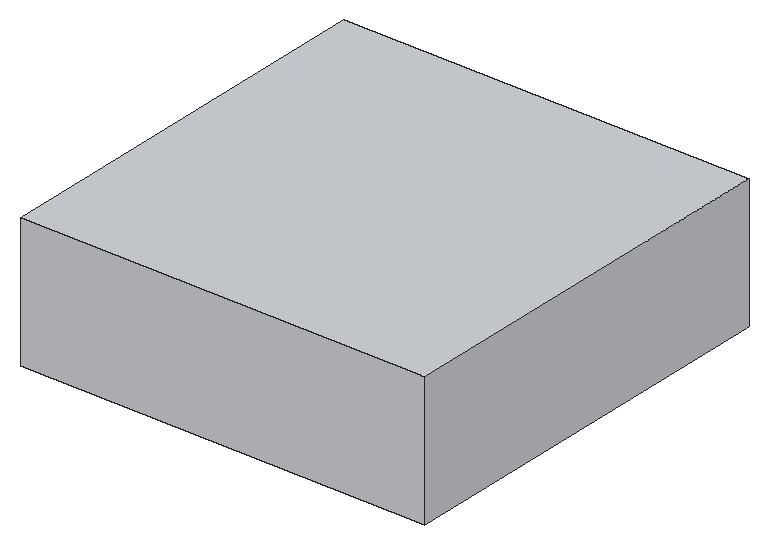
Revit family "5a3561231bf5457e80169356cc22de15", category Communication Devices, host Face, Revit 2021
Family settings
  Host = Face
  Maintain Annotation Orientation = Yes
  Round Connector Dimension = Use Diameter
  Part Type = Normal
  OmniClass Number = 23.85.10.11.11.21
  OmniClass Title = Speakers
  Seek Item ID = Speaker - Square-0000-USA-ENU
  Cut with Voids When Loaded = No
  Shared = No
  Room Calculation Point = No
Parameters (values of type "Standard")
  Width = 0' - 8"
  Speaker Material = none
  Height = 0' - 8"
  Depth = 0' - 2 5/8"
  Default Elevation = 4' - 0"
Reference planes (in)
  plane 1 "Center (Front/Back)": y = 0
  plane 2: z = 0
  plane 3 "Center (Left/Right)": x = 0
  plane 4: z = 2.625
  plane 5: x = -4
  plane 6: x = 4
  plane 7: y = -8
Forms (in)
  Extrusion 1, solid, material <- "Speaker Material"
    sketch origin (0.19097, 0, 0) x (1, 0, 0) y (0, 1, 0)
      loop
        line (-4.19097, 0) -> (-4.19097, -8) -> (3.80903, -8) -> (3.80903, 0) -> (-4.19097, 0)
    from 0 to 2.625
Lines and regions (in)
  symbolic lines, detail levels fine
    curve 1: line (-4, 0, 2.625) -> (-4, 0, 0)
    curve 2: line (4, 0, 2.625) -> (-4, 0, 2.625)
    curve 3: line (4, 0, 0) -> (4, 0, 2.625)
    curve 4: line (-4, 0, 0) -> (4, 0, 0)
Dimensions and locks (in)
  "Depth": plane 4 to plane 2
  equal spacing: plane 5, plane 3 "Center (Left/Right)", plane 6
  "Width": plane 5 to plane 6
  "Height": plane 7 to plane 1 "Center (Front/Back)"
  aligned and locked: plane 2 to host face
  aligned and locked: level to host face
  aligned and locked: plane 1 "Center (Front/Back)" to Extrusion 1 sketch curve
  aligned and locked: plane 4 to Extrusion 1
  aligned and locked: Extrusion 1 to plane 5
  aligned and locked: plane 6 to Extrusion 1
  aligned and locked: Extrusion 1 to plane 7
  aligned and locked: curve 1 to Extrusion 1
  aligned and locked: curve 2 to Extrusion 1
  aligned and locked: curve 3 to Extrusion 1
  aligned and locked: curve 4 to Extrusion 1
  aligned and locked: plane 1 "Center (Front/Back)" to nested 1
  aligned and locked: plane 3 "Center (Left/Right)" to nested 1
Automatic sketch dimensions
  host sketch curve to host sketch curve = 8' - 0"  (x2)
  Extrusion 1 sketch curve to plane 3 "Center (Left/Right)" = 0' - 4"
  plane 3 "Center (Left/Right)" to Extrusion 1 sketch curve = 0' - 4"
  plane 1 "Center (Front/Back)" to Extrusion 1 sketch curve = 0' - 8"
Nested families (in)
  nested 1: "Speaker - Square Annotation" at (0, 0, 0), type "Speaker - Square Annotation", detail levels coarse+medium
Connectors (in)
  electrical at (0, 0, 1.3125)
    settings: on Extrusion 1, index 1, voltage 0 V, apparent load 0 VA, apparent load phase1 0 VA, apparent load phase2 0 VA, apparent load phase3 0 VA, power factor 1, load classification "Other", number of poles 1, system type 14, power factor state 1, is connector primary yes, connector utility no, sub classification motor no, connector description ""
Definition of nested family "Speaker - Square Annotation"
  Parameters
    Label Annotation = "S"
  Reference planes (in)
    plane 1: y = 0
    plane 2: x = 0
  Lines and regions (in)
    reference lines
      curve 1: line (-0.07813, 0.2277, 0) -> (-0.07813, -0.28638, 0)
      curve 2: line (0.07813, 0.29601, 0) -> (0.07812, -0.28638, 0)
      curve 3: line (-0.2699, 0.15625, 0) -> (0.35142, 0.15625, 0)
      curve 4: line (-0.37147, 0, 0) -> (0.37853, 0, 0)
    detail lines
      curve 5: line (-0.07813, 0.15625, 0) -> (0.07812, 0.15625, 0)
      curve 6: line (-0.07813, 0, 0) -> (-0.07813, 0.15625, 0)
      curve 7: line (0.07812, 0, 0) -> (-0.07813, 0, 0)
      curve 8: line (0.07812, 0.15625, 0) -> (0.07812, 0, 0)
  Text (in)
    label "S" at (-0.04158, 0.07878, 0), shows "Label Annotation"
  Dimensions and locks (in)
    locked: curve 1 to plane 2 at 0.07812
    locked: plane 2 to curve 2 at 0.07813
    locked: curve 4 to curve 3 at 0.15625
    locked: curve 4 to plane 1
    aligned and locked: curve 3 to curve 5
    aligned and locked: curve 6 to curve 1
    aligned and locked: curve 7 to curve 4
    aligned and locked: curve 2 to curve 8
